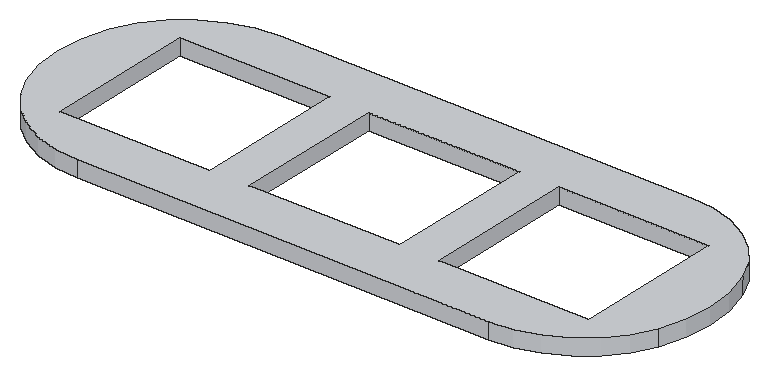
Revit family "Gira_0213130", category Electrical Fixtures, host Face, Revit 2017
Family settings
  Host = Face
  Maintain Annotation Orientation = No
  Round Connector Dimension = Use Diameter
  Part Type = Normal
  Cut with Voids When Loaded = No
  Shared = No
  Room Calculation Point = No
Parameters (values of type "Cov.fr. 3-g Gira Studio white gl.")
  URL = "http://katalog.gira.de/en/datenblatt.html?artikelnr=0213130"
  Transparent = "No"
  Name = "Cov.fr. 3-g Gira Studio white gl."
  Manufacturer URL = "https://www.gira.de/"
  Manufacturer = "Gira"
  Label space/information surface = "No"
  Keynote = ""
  HeinzeBIM = "https://bimportal.heinze.de/bim/cov-fr-3-g-gira-studio-white-gl-/7dae7a5f1f371b60c58e18d222cdf61f4eec6070"
  HAN = "0213130"
  GTIN = "4010337045625"
  Description = "Cov.fr.3g Stud. GWh,Gira Studio cover frame,white glass,3-gang,Installation in standard device boxes, can be extended as required through installation in device boxes with spacer glands.,For surface-mounted installation: Gira Studio, housing, 1-gang, with cover frame, 1-gang, can be extended as required."
  Default Elevation = 1219.2 mm
  Data sheet (1) = "https://katalog.gira.de/en/download.html?artikelnr=0213130"
  Category = "Cover frame for domestic switching devices"
  BIM (2) = "https://media.stage.bim.site/public/gira/36a6b08/Studio_Rahmen_Tragplatte_3fach.rfa"
  BIM (1) = "https://media.stage.bim.site/public/gira/36a6b08/Studio_Rahmen_Abdeckplatte_3fach.rfa"
  Available = "No"
Reference planes
  plane 1 "Center (Front/Back)": y = 0
  plane 2: z = 0
  plane 3 "Center (Left/Right)": x = 0
Forms (mm)
  Extrusion 1, solid, detail levels fine
    sketch origin (0, 0, 0) x (0, -1, 0) y (1, 0, 0)
      loop
        arc (-47.5, -77.3) -> (-39.942, -102.262) -> (-19.808, -118.838) r 45
        arc (-19.808, -118.838) -> (0, -122.8) -> (19.808, -118.838) r 51.5
        arc (19.808, -118.838) -> (39.942, -102.262) -> (47.5, -77.3) r 45
        line (47.5, -77.3) -> (47.5, 77.3)
        arc (47.5, 77.3) -> (39.942, 102.262) -> (19.808, 118.838) r 45
        arc (19.808, 118.838) -> (0, 122.8) -> (-19.808, 118.838) r 51.5
        arc (-19.808, 118.838) -> (-39.942, 102.262) -> (-47.5, 77.3) r 45
        line (-47.5, 77.3) -> (-47.5, -77.3)
      loop
        line (-28.2, -99.5) -> (28.2, -99.5) -> (28.2, -43.1) -> (-28.2, -43.1) -> (-28.2, -99.5)
      loop
        line (28.2, 99.5) -> (-28.2, 99.5) -> (-28.2, 43.1) -> (28.2, 43.1) -> (28.2, 99.5)
      loop
        line (-28.2, 28.2) -> (-28.2, -28.2) -> (28.2, -28.2) -> (28.2, 28.2) -> (-28.2, 28.2)
    from 0 to 6
  Extrusion 2, solid, detail levels medium
    sketch origin (0, 0, 0) x (0, -1, 0) y (1, 0, 0)
      loop
        arc (-47.5, -77.3) -> (-39.942, -102.262) -> (-19.808, -118.838) r 45
        arc (-19.808, -118.838) -> (0, -122.8) -> (19.808, -118.838) r 51.5
        arc (19.808, -118.838) -> (39.942, -102.262) -> (47.5, -77.3) r 45
        line (47.5, -77.3) -> (47.5, 77.3)
        arc (47.5, 77.3) -> (39.942, 102.262) -> (19.808, 118.838) r 45
        arc (19.808, 118.838) -> (0, 122.8) -> (-19.808, 118.838) r 51.5
        arc (-19.808, 118.838) -> (-39.942, 102.262) -> (-47.5, 77.3) r 45
        line (-47.5, 77.3) -> (-47.5, -77.3)
    from 0 to 6
  Extrusion 3, solid, detail levels coarse
    sketch origin (0, 0, 0) x (0, -1, 0) y (1, 0, 0)
      loop
        line (-47.5, 122.8) -> (-47.5, -122.8) -> (47.5, -122.8) -> (47.5, 122.8) -> (-47.5, 122.8)
    from 0 to 6
Dimensions and locks
  aligned and locked: plane 2 to host face
  aligned and locked: level to host face
